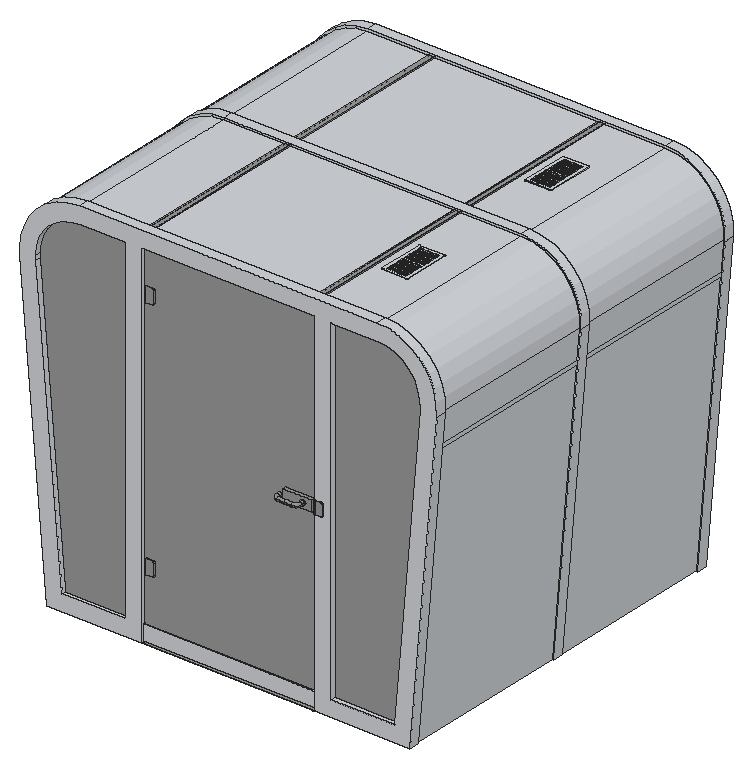
Revit family "Retreat 2.2 - Glass Back", category Generic Models, host Floor, Revit 2020 (continued)
Forms (mm)
  Extrusion 38, solid
    sketch origin (0, 0, 0) x (1, 0, 0) y (0, 0, 1)
      loop
        line (1201.351, 1600.96) -> (1203.356, 1623.872) -> (1200.865, 1624.09) -> (1200.081, 1615.125) -> (1198.089, 1615.299) -> (1189.123, 1616.083) -> (1137.321, 1620.615) -> (1128.355, 1621.4) -> (1129.139, 1630.366) -> (1126.649, 1630.583) -> (1124.644, 1607.671) -> (1127.135, 1607.453) -> (1127.919, 1616.419) -> (1136.885, 1615.634) -> (1188.687, 1611.102) -> (1197.653, 1610.318) -> (1199.645, 1610.144) -> (1198.861, 1601.178) -> (1201.351, 1600.96)
    from 30 to 1030
  Extrusion 39, solid, material "Stainless Steel, Brushed"
    sketch origin (0.228, 0, 0) x (1, 0, 0) y (0, 0, 1)
      loop
        line (508, 1114.476) -> (508, 1039.476) -> (547, 1039.476)
        arc (547, 1039.476) -> (554.071, 1042.405) -> (557, 1049.476) r 10
        line (557, 1049.476) -> (557, 1104.476)
        arc (557, 1104.476) -> (554.071, 1111.547) -> (547, 1114.476) r 10
        line (547, 1114.476) -> (508, 1114.476)
    from 1066.5 to 1092.5
  Extrusion 40, void
    sketch origin (0.228, 37.891, 0) x (1, 0, 0) y (0, 1, 0)
      loop
        line (557, -1101.429) -> (509.772, -1101.429) -> (509.772, -1127.891) -> (557, -1127.891) -> (557, -1101.429)
    from 1039.476 to 1114.476
  Extrusion 41, solid, material "Steel, Paint Finish, Dark Gray"
    sketch origin (0, 0, 0) x (1, 0, 0) y (0, 0, 1)
      loop
        line (-480.874, 2170.41) -> (-517.874, 2170.41) -> (-517.874, 2167.91) -> (-511.874, 2167.91) -> (-511.874, 2165.91) -> (-511.874, 2156.91) -> (-511.874, 2104.91) -> (-511.874, 2095.91) -> (-517.874, 2095.91) -> (-517.874, 2093.41) -> (-504.374, 2093.41) -> (-504.374, 2092.41) -> (-494.374, 2092.41) -> (-494.374, 2093.41) -> (-480.874, 2093.41) -> (-480.874, 2095.91) -> (-486.874, 2095.91) -> (-486.874, 2104.91) -> (-486.874, 2156.91) -> (-486.874, 2165.91) -> (-486.874, 2167.91) -> (-480.874, 2167.91) -> (-480.874, 2170.41)
      loop
        line (519.126, 2170.41) -> (482.126, 2170.41) -> (482.126, 2167.91) -> (488.126, 2167.91) -> (488.126, 2165.91) -> (488.126, 2156.91) -> (488.126, 2104.91) -> (488.126, 2095.91) -> (482.126, 2095.91) -> (482.126, 2093.41) -> (495.626, 2093.41) -> (495.626, 2092.41) -> (505.626, 2092.41) -> (505.626, 2093.41) -> (519.126, 2093.41) -> (519.126, 2095.91) -> (513.126, 2095.91) -> (513.126, 2104.91) -> (513.126, 2156.91) -> (513.126, 2165.91) -> (513.126, 2167.91) -> (519.126, 2167.91) -> (519.126, 2170.41)
    from 30 to 1030
Cuts and joins
  joined: Extrusion 5, Extrusion 6
  Extrusion 40 cuts Extrusion 39
  joined: Extrusion 24, Extrusion 26, Sweep 28, Extrusion 29
  joined: Extrusion 23, Extrusion 25, Sweep 27
Dimensions and locks
  aligned and locked: level to plane 2
